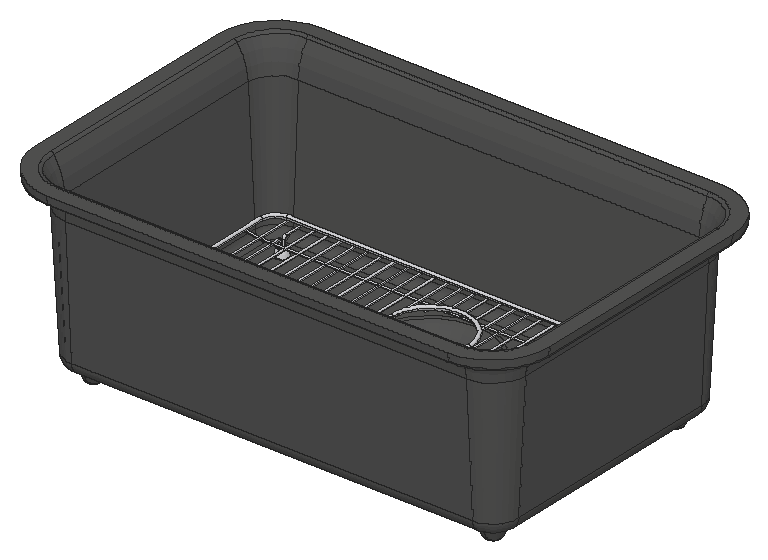
Revit family "Sink-Kitchen-KOHLER-Cairn-K-28000", category Plumbing Fixtures, host Face, Revit 2015
Parameters (values of type "CM1-Neoroc Matte Black")
  Width = 18 5/16"  # constant formula
  Waste Water Outlet = "Waste Water Outlet"  # constant formula
  Waste Connection = 1 = 1  # yes
  Vent Connection = 1 = 0  # no
  URL = "https://www.us.kohler.com/us/"
  Type = 1
  Product Page URL = "http://www.us.kohler.com/us/catalog/productDetails.jsp?productNumber=28000"
  Product Name = "Cairn"  # constant formula
  Product Documentation Link = "https://www.us.kohler.com/webassets/kpna/catalog/pdf/en/K-28000_spec.pdf"
  Model = if(Type = 1, "K-28000-CM1", if(Type = 2, "K-28000-CM2", if(Type = 3, "K-28000-CM3", if(Type = 4, "K-28000-CM4", if(Type = 5, "K-28000-CM6", if(Type = 6, "K-28000-CM7", "NA"))))))  # "K-28000-CM1"
  Material = "Neoroc Composite"  # constant formula
  MasterFormat 2004 = "22.41.16"  # constant formula
  MasterFormat 1995 = "15410"  # constant formula
  Manufacturer Address = "444 Highland Dr, Kohler, WI 53044"  # constant formula
  Manufacturer = "KOHLER Co."  # constant formula
  Length = 27 1/2"  # constant formula
  Hot Water Inlet = "Hot Water Inlet"  # constant formula
  Height = 10 3/16"  # constant formula
  HW Connection = 1 = 0  # no
  Finish = Kohler-Neoroc-CM1-Matte_Black
  Environmental Product Declaration = ""
  Drain Included = 1 = 0  # no
  Description = "27-1/2 inch x 18-5/16 inch x 9-1/2 inch Neoroc under-mount single-bowl kitchen sink with sink rack"  # constant formula
  Default Elevation = 36"
  Declare Label = ""
  Date Modified = "01/10/2019"  # constant formula
  Date Created = "01/10/2019"  # constant formula
  Copyright = "Copyright KOHLER Co."  # constant formula
  Contact Us = "https://www.us.kohler.com/us/static/contact.jsp"
  Cold Water Inlet = "Cold Water Inlet"  # constant formula
  CW Connection = 1 = 0  # no
  Assembly Code = "D2010400"
  ADA Compliant = 1 = 0  # no
Reference planes (in)
  plane 1 "Center (Front/Back)": y = 0
  plane 2: z = 0
  plane 3 "Center (Left/Right)": x = 0
  plane 4: x = -13.75
  plane 5: y = -12.1875
  plane 6: y = 6.125
  plane 7: x = 13.75
  plane 8: z = -10.5
  plane 9: z = -11.1875
  plane 10: z = -1.5
  plane 11: z = -1
  plane 12: y = 5.3125
  plane 13: y = -3.03125
Forms (in)
  Extrusion 1, void
    sketch origin (0, 0, 0) x (1, 0, 0) y (0, 1, 0)
      loop
        arc (-10.72895, 5.3125) -> (-12.29063, 4.66563) -> (-12.9375, 3.10395) r 2.20855
        line (-12.9375, 3.10395) -> (-12.9375, -9.16797)
        arc (-12.9375, -9.16797) -> (-12.29108, -10.72858) -> (-10.73047, -11.375) r 2.20703
        line (-10.73047, -11.375) -> (10.73047, -11.375)
        arc (10.73047, -11.375) -> (12.29108, -10.72858) -> (12.9375, -9.16797) r 2.20703
        line (12.9375, -9.16797) -> (12.9375, 3.10547)
        arc (12.9375, 3.10547) -> (12.29108, 4.66608) -> (10.73047, 5.3125) r 2.20703
        line (10.73047, 5.3125) -> (-10.72895, 5.3125)
    from -4.30069 to -1
  Extrusion 2, void
    sketch origin (0, 0, 0) x (1, 0, 0) y (0, 1, 0)
      loop
        line (10.66406, 4.65625) -> (-10.66406, 4.65625)
        arc (-10.66406, 4.65625) -> (-11.83521, 4.17115) -> (-12.32031, 3) r 1.65625
        line (-12.32031, 3) -> (-12.32031, -9.0625)
        arc (-12.32031, -9.0625) -> (-11.83521, -10.23365) -> (-10.66406, -10.71875) r 1.65625
        line (-10.66406, -10.71875) -> (10.66408, -10.71875)
        arc (10.66408, -10.71875) -> (11.83521, -10.23365) -> (12.32031, -9.06252) r 1.65623
        line (12.32031, -9.06252) -> (12.32031, 3)
        arc (12.32031, 3) -> (11.83521, 4.17115) -> (10.66406, 4.65625) r 1.65625
    from -1.0056 to 1.54185
  Extrusion 3, void
    sketch origin (0, 0, 0) x (1, 0, 0) y (0, 1, 0)
      loop
        line (11.36993, 6.125) -> (-11, 6.125)
        arc (-11, 6.125) -> (-13.12132, 5.24632) -> (-14, 3.125) r 3
        line (-14, 3.125) -> (-14, -9.1875)
        arc (-14, -9.1875) -> (-13.12132, -11.30882) -> (-11, -12.1875) r 3
        line (-11, -12.1875) -> (11.36993, -12.1875)
        arc (11.36993, -12.1875) -> (13.49125, -11.30882) -> (14.36993, -9.1875) r 3
        line (14.36993, -9.1875) -> (14.36993, 3.125)
        arc (14.36993, 3.125) -> (13.49125, 5.24632) -> (11.36993, 6.125) r 3
    from -13.65296 to -1
Dimensions and locks (in)
  plane 11 to plane 10 = 1/2"
  plane 11 to plane 8 = 9 1/2"
  "Height": plane 11 to plane 9
  "Length": plane 4 to plane 7
  "Width": plane 6 to plane 5
  plane 3 "Center (Left/Right)" to plane 7 = 13 3/4"
  plane 6 to plane 12 = 13/16"
  plane 6 to plane 1 "Center (Front/Back)" = 6 1/8"
  aligned and locked: plane 2 to host face
  aligned and locked: level to host face
Automatic sketch dimensions
  host sketch curve to host sketch curve = 96"  (x2)
  Extrusion 1 sketch curve to plane 12 = 0"
  Extrusion 1 sketch curve to plane 4 = 3.02105"
  Extrusion 1 sketch curve to plane 12 = 2.20855"
  Extrusion 1 sketch curve to plane 5 = 3 5/256"
  Extrusion 1 sketch curve to Extrusion 1 sketch curve = 2 53/256"  (x2)
  Extrusion 1 sketch curve to plane 7 = 3 5/256"
  Extrusion 1 sketch curve to plane 12 = 2 53/256"
  plane 4 to Extrusion 3 sketch curve = 1/4"
  Extrusion 3 sketch curve to plane 6 = 0"
  plane 5 to Extrusion 3 sketch curve = 0"
  plane 7 to Extrusion 3 sketch curve = 0.61993"
  Extrusion 3 sketch curve to plane 4 = 2 3/4"  (x2)
  Extrusion 3 sketch curve to plane 12 = 2 3/16"
  Extrusion 3 sketch curve to plane 7 = 2.38007"
  Extrusion 2 sketch curve to plane 4 = 1 55/128"
  Extrusion 2 sketch curve to Extrusion 2 sketch curve = 1 21/32"  (x2)
  Extrusion 2 sketch curve to plane 12 = 21/32"
  Extrusion 2 sketch curve to plane 7 = 3 11/128"  (x2)
  Extrusion 2 sketch curve to plane 5 = 1 15/32"
  Extrusion 2 sketch curve to plane 7 = 1 55/128"
Nested families (in)
  nested 1: "K-28000" at (0, 0, -1), type "K-28000"
Connectors (in)
  piping at (0, 0, -13.65296), diameter 1.5, driven by "Waste Connection", driven by "Waste Water Outlet"
    settings: on nested 1, index 1, connector inside diameter 24", connector length 0", flow factor 0, pipe flow 0 GPM, pressure drop 0.00 psi, fitting loss kfactor 0, connector angle 0.00°, fixture units 0, engagement length 0", angle of deflection 0.00°, flow configuration 0, flow direction 2, fitting loss method 0, system type 16, joint type 0, gender type 0, connector reference index -1, connector utility 1, adjustable connector no, is connector primary yes, connector description "Waste Water Outlet"
Definition of nested family "K-28000"
  Parameters (values of type "K-28000")
    Material = none
  Reference planes (in)
    plane 1 "Center (Front/Back)": y = 0
    plane 2: z = 0
    plane 3 "Center (Left/Right)": x = 0
    plane 4: y = 6.125
    plane 5: y = -12.1875
    plane 6: z = -0.5
    plane 7: z = -9.5
    plane 8: z = -10.1875
    plane 9: x = 13.75
    plane 10: x = -13.75
  Forms (in)
    Sweep 1, solid, material <- "Material", detail levels medium+fine
      path origin (0, 0, 0) x (1, 0, 0) y (0, 1, 0)
        loop
          arc (-10.72895, 6.125) -> (-12.86516, 5.24016) -> (-13.75, 3.10395) r 3.02105
          line (-13.75, 3.10395) -> (-13.75, -9.16797)
          arc (-13.75, -9.16797) -> (-12.8656, -11.3031) -> (-10.73047, -12.1875) r 3.01953
          line (-10.73047, -12.1875) -> (10.73047, -12.1875)
          arc (10.73047, -12.1875) -> (12.8656, -11.3031) -> (13.75, -9.16797) r 3.01953
          line (13.75, -9.16797) -> (13.75, 3.10547)
          arc (13.75, 3.10547) -> (12.8656, 5.2406) -> (10.73047, 6.125) r 3.01953
          line (10.73047, 6.125) -> (-10.72895, 6.125)
      profile origin (0.00076, 6.125, 0) x (0, 1, 0) y (0, 0, 1)
        loop
          line (-0.03899, -0.44569) -> (0, 0) -> (-0.76946, 0)
          arc (-0.76946, 0) -> (-0.874, -0.02593) -> (-0.9543, -0.09771) r 0.22369
          arc (-0.9543, -0.09771) -> (-1.35827, -0.90943) -> (-1.52847, -1.8) r 3.33215
          line (-1.52847, -1.8) -> (-1.89156, -8.72821)
          arc (-1.89156, -8.72821) -> (-2.0467, -9.06473) -> (-2.39088, -9.20204) r 0.5
          line (-2.39088, -9.20204) -> (-2.80985, -9.20204) -> (-2.80985, -9.5) -> (-2.39339, -9.5)
          arc (-2.39339, -9.5) -> (-1.87712, -9.29403) -> (-1.64442, -8.78925) r 0.75
          line (-1.64442, -8.78925) -> (-1.27881, -1.81308)
          arc (-1.27881, -1.81308) -> (-1.15966, -1.17192) -> (-0.87805, -0.58372) r 2.48894
          arc (-0.87805, -0.58372) -> (-0.81138, -0.52227) -> (-0.7235, -0.5) r 0.18451
          line (-0.7235, -0.5) -> (-0.09827, -0.5)
          arc (-0.09827, -0.5) -> (-0.05807, -0.48437) -> (-0.03899, -0.44569) r 0.0595
    Extrusion 2, solid, material <- "Material", detail levels medium+fine
      sketch origin (0, 0, 0) x (1, 0, 0) y (0, 1, 0)
        loop
          line (-10.94015, 3.10395) -> (-10.94015, -9.16797)
          arc (-10.94015, -9.16797) -> (-10.87873, -9.31623) -> (-10.73047, -9.37765) r 0.20968
          line (-10.73047, -9.37765) -> (10.73047, -9.37765)
          arc (10.73047, -9.37765) -> (10.87873, -9.31623) -> (10.94015, -9.16797) r 0.20968
          line (10.94015, -9.16797) -> (10.94015, 3.10547)
          arc (10.94015, 3.10547) -> (10.87873, 3.25373) -> (10.73047, 3.31515) r 0.20968
          line (10.73047, 3.31515) -> (-10.72895, 3.31515)
          arc (-10.72895, 3.31515) -> (-10.87829, 3.25329) -> (-10.94015, 3.10395) r 0.2112
      from -9.5 to -9.20204
    Revolve 3, solid, material <- "Material", detail levels medium+fine
      sketch origin (-10.69575, 0, 0) x (0, 1, 0) y (0, 0, 1)
        loop
          line (3.09114, -10.1875) -> (3.38073, -10.1875)
          arc (3.38073, -10.1875) -> (3.46605, -10.16263) -> (3.52465, -10.09581) r 0.1588
          line (3.52465, -10.09581) -> (3.74356, -9.62637)
          arc (3.74356, -9.62637) -> (3.81788, -9.52531) -> (3.92542, -9.46071) r 0.31913
          line (3.92542, -9.46071) -> (3.09114, -9.46071) -> (3.09114, -10.1875)
        axis (3.09114, -9.46071) -> (3.09114, -10.1875)
      angle from 0 to 360
    Revolve 4, solid, material <- "Material", detail levels medium+fine
      sketch origin (10.69575, 0, 0) x (0, 1, 0) y (0, 0, -1)
        loop
          line (3.09114, 10.1875) -> (3.09114, 9.46071) -> (3.92542, 9.46071)
          arc (3.92542, 9.46071) -> (3.81788, 9.52531) -> (3.74356, 9.62637) r 0.31913
          line (3.74356, 9.62637) -> (3.52465, 10.09581)
          arc (3.52465, 10.09581) -> (3.46605, 10.16263) -> (3.38073, 10.1875) r 0.1588
          line (3.38073, 10.1875) -> (3.09114, 10.1875)
        axis (3.09114, 9.46071) -> (3.09114, 10.1875)
      angle from 0 to 360
    Revolve 5, solid, material <- "Material", detail levels medium+fine
      sketch origin (-10.69575, -12.20282, 0) x (0, 1, 0) y (0, 0, 1)
        loop
          line (3.09114, -10.1875) -> (3.38073, -10.1875)
          arc (3.38073, -10.1875) -> (3.46605, -10.16263) -> (3.52465, -10.09581) r 0.1588
          line (3.52465, -10.09581) -> (3.74356, -9.62637)
          arc (3.74356, -9.62637) -> (3.81788, -9.52531) -> (3.92542, -9.46071) r 0.31913
          line (3.92542, -9.46071) -> (3.09114, -9.46071) -> (3.09114, -10.1875)
        axis (3.09114, -9.46071) -> (3.09114, -10.1875)
      angle from 0 to 360
    Revolve 6, solid, material <- "Material", detail levels medium+fine
      sketch origin (10.69575, -12.20282, 0) x (0, 1, 0) y (0, 0, -1)
        loop
          line (3.09114, 10.1875) -> (3.09114, 9.46071) -> (3.92542, 9.46071)
          arc (3.92542, 9.46071) -> (3.81788, 9.52531) -> (3.74356, 9.62637) r 0.31913
          line (3.74356, 9.62637) -> (3.52465, 10.09581)
          arc (3.52465, 10.09581) -> (3.46605, 10.16263) -> (3.38073, 10.1875) r 0.1588
          line (3.38073, 10.1875) -> (3.09114, 10.1875)
        axis (3.09114, 9.46071) -> (3.09114, 10.1875)
      angle from 0 to 360
    Revolve 7, solid, detail levels medium+fine
      sketch origin (0, 0, 0) x (1, 0, 0) y (0, 0, 1)
        loop
          arc (0, -9.59046) -> (-0.14142, -9.6033) -> (-0.2782, -9.64142) r 0.78485
          arc (-0.2782, -9.64142) -> (-0.30959, -9.69706) -> (-0.26052, -9.73796) r 0.04989
          line (-0.26052, -9.73796) -> (-0.145, -9.73796) -> (-0.145, -10.39296) -> (-0.24102, -10.39296)
          arc (-0.24102, -10.39296) -> (-0.26958, -10.40479) -> (-0.28141, -10.43334) r 0.04038
          line (-0.28141, -10.43334) -> (-0.28141, -10.58296) -> (-1.39752, -10.58296)
          arc (-1.39752, -10.58296) -> (-1.46222, -10.55715) -> (-1.49138, -10.4939) r 0.09398
          line (-1.49138, -10.4939) -> (-1.52334, -9.88404)
          arc (-1.52334, -9.88404) -> (-1.57117, -9.78029) -> (-1.67727, -9.73796) r 0.15414
          line (-1.67727, -9.73796) -> (-2.27502, -9.73796) -> (-2.27502, -9.7721) -> (-1.66737, -9.7721) -> (-1.66737, -10.71569) -> (0, -10.71569) -> (0, -9.59046)
        axis (0, -9.59046) -> (0, -10.71569)
      angle from 0 to 360
    Sweep 8, solid, detail levels medium+fine
      path origin (0, 0, 0) x (1, 0, 0) y (0, 1, 0)
        loop
          line (-13.75, 3.10395) -> (-13.75, -9.16797)
          arc (-13.75, -9.16797) -> (-12.8656, -11.3031) -> (-10.73047, -12.1875) r 3.01953
          line (-10.73047, -12.1875) -> (10.73047, -12.1875)
          arc (10.73047, -12.1875) -> (12.8656, -11.3031) -> (13.75, -9.16797) r 3.01953
          line (13.75, -9.16797) -> (13.75, 3.10547)
          arc (13.75, 3.10547) -> (12.8656, 5.2406) -> (10.73047, 6.125) r 3.01953
          line (10.73047, 6.125) -> (-10.72895, 6.125)
          arc (-10.72895, 6.125) -> (-12.86516, 5.24016) -> (-13.75, 3.10395) r 3.02105
      profile origin (0.00076, 6.125, 0) x (0, 1, 0) y (0, 0, 1)
        loop
          circle (-2.20339, -8.125) r 0.09349
    Sweep 9, solid, detail levels medium+fine
      path origin (0, 0, 0) x (1, 0, 0) y (0, 1, 0)
        loop
          circle (0, 0) r 2.1874
      profile origin (0, 2.1874, 0) x (0, -1, 0) y (0, 0, 1)
        loop
          circle (0.09392, -8.125) r 0.09375
    Extrusion 10, solid, detail levels medium+fine
      sketch origin (0, 0, 0) x (1, 0, 0) y (0, 0, 1)
        loop
          circle (0, -8.27168) r 0.05273
        loop
          circle (-0.71501, -8.27168) r 0.05273
        loop
          circle (-1.43, -8.27168) r 0.05273
        loop
          circle (-2.145, -8.27168) r 0.05273
        loop
          circle (-2.86, -8.27168) r 0.05273
        loop
          circle (-3.57499, -8.27168) r 0.05273
        loop
          circle (-4.29, -8.27168) r 0.05273
        loop
          circle (-5.00501, -8.27168) r 0.05273
        loop
          circle (-5.72, -8.27168) r 0.05273
        loop
          circle (-6.435, -8.27168) r 0.05273
        loop
          circle (-7.15, -8.27168) r 0.05273
        loop
          circle (-7.86501, -8.27168) r 0.05273
        loop
          circle (-8.58, -8.27168) r 0.05273
        loop
          circle (-9.295, -8.27168) r 0.05273
        loop
          circle (-10.72501, -8.27168) r 0.05273
        loop
          circle (0.71501, -8.27168) r 0.05273
        loop
          circle (1.43, -8.27168) r 0.05273
        loop
          circle (2.145, -8.27168) r 0.05273
        loop
          circle (2.86, -8.27168) r 0.05273
        loop
          circle (3.57499, -8.27168) r 0.05273
        loop
          circle (4.29, -8.27168) r 0.05273
        loop
          circle (5.00501, -8.27168) r 0.05273
        loop
          circle (5.72, -8.27168) r 0.05273
        loop
          circle (6.435, -8.27168) r 0.05273
        loop
          circle (7.15, -8.27168) r 0.05273
        loop
          circle (7.86501, -8.27168) r 0.05273
        loop
          circle (8.58, -8.27168) r 0.05273
        loop
          circle (9.295, -8.27168) r 0.05273
        loop
          circle (10.72501, -8.27168) r 0.05273
      from -3.9213 to 9.9213
    Sweep 11, solid, detail levels medium+fine
      path origin (0, 0, 0) x (1, 0, 0) y (0, 0, 1)
        loop
          line (-11.53519, -8.32333) -> (-10.73197, -8.43) -> (10.73198, -8.43) -> (11.53519, -8.32333)
      profile origin (0, 0, -8.43) x (0, 0, 1) y (0, -1, 0)
        loop
          circle (0.05481, -2.1248) r 0.05078
    Sweep 12, solid, detail levels medium+fine
      path origin (0, -4.25, 0) x (1, 0, 0) y (0, 0, 1)
        loop
          line (-11.53519, -8.32333) -> (-10.73197, -8.43) -> (10.73198, -8.43) -> (11.53519, -8.32333)
      profile origin (0, -4.25, -8.43) x (0, 0, 1) y (0, -1, 0)
        loop
          circle (0.05481, -2.1248) r 0.05078
    Sweep 13, solid, detail levels medium+fine
      path origin (0, -9.87207, 0) x (1, 0, 0) y (0, 0, 1)
        loop
          line (-11.53519, -8.32333) -> (-10.73197, -8.43) -> (10.73198, -8.43) -> (11.53519, -8.32333)
      profile origin (0, -9.87207, -8.43) x (0, 0, 1) y (0, -1, 0)
        loop
          circle (0.05481, -2.1248) r 0.05078
    Sweep 14, solid, detail levels medium+fine
      path origin (0, 0, 0) x (0, 1, 0) y (0, 0, 1)
        loop
          line (3.9213, -8.32441) -> (2.85939, -8.32441)
          arc (2.85939, -8.32441) -> (2.82804, -8.3374) -> (2.81505, -8.36875) r 0.04434
          line (2.81505, -8.36875) -> (2.81505, -8.87238) -> (2.44805, -8.87238) -> (2.44805, -8.36826)
          arc (2.44805, -8.36826) -> (2.43521, -8.33726) -> (2.4042, -8.32441) r 0.04385
          line (2.4042, -8.32441) -> (-8.40371, -8.32441)
          arc (-8.40371, -8.32441) -> (-8.43507, -8.3374) -> (-8.44805, -8.36875) r 0.04434
          line (-8.44805, -8.36875) -> (-8.44805, -8.87238) -> (-8.81505, -8.87238) -> (-8.81505, -8.36826)
          arc (-8.81505, -8.36826) -> (-8.8279, -8.33726) -> (-8.8589, -8.32441) r 0.04385
          line (-8.8589, -8.32441) -> (-9.9213, -8.32441)
      profile origin (0, 3.39034, -8.32441) x (0, 0, -1) y (1, 0, 0)
        loop
          circle (-0.05273, -10.01) r 0.05273
    Sweep 15, solid, detail levels medium+fine
      path origin (20.02, 0, 0) x (0, 1, 0) y (0, 0, 1)
        loop
          line (3.9213, -8.32441) -> (2.85939, -8.32441)
          arc (2.85939, -8.32441) -> (2.82804, -8.3374) -> (2.81505, -8.36875) r 0.04434
          line (2.81505, -8.36875) -> (2.81505, -8.87238) -> (2.44805, -8.87238) -> (2.44805, -8.36826)
          arc (2.44805, -8.36826) -> (2.43521, -8.33726) -> (2.4042, -8.32441) r 0.04385
          line (2.4042, -8.32441) -> (-8.40371, -8.32441)
          arc (-8.40371, -8.32441) -> (-8.43507, -8.3374) -> (-8.44805, -8.36875) r 0.04434
          line (-8.44805, -8.36875) -> (-8.44805, -8.87238) -> (-8.81505, -8.87238) -> (-8.81505, -8.36826)
          arc (-8.81505, -8.36826) -> (-8.8279, -8.33726) -> (-8.8589, -8.32441) r 0.04385
          line (-8.8589, -8.32441) -> (-9.9213, -8.32441)
      profile origin (20.02, 3.39034, -8.32441) x (0, 0, -1) y (1, 0, 0)
        loop
          circle (-0.05273, -10.01) r 0.05273
    Revolve 16, solid, detail levels medium+fine
      sketch origin (10.01172, 0, 0) x (0, 1, 0) y (0, 0, 1)
        loop
          line (2.63155, -8.70141) -> (2.63155, -9.15839) -> (2.94245, -9.15839)
          arc (2.94245, -9.15839) -> (2.95711, -9.15205) -> (2.96252, -9.13702) r 0.02011
          arc (2.96252, -9.13702) -> (2.93211, -8.92469) -> (2.86842, -8.71986) r 1.34918
          arc (2.86842, -8.71986) -> (2.85761, -8.70645) -> (2.84115, -8.70141) r 0.02938
          line (2.84115, -8.70141) -> (2.63155, -8.70141)
        axis (2.63155, -8.70141) -> (2.63155, -9.15839)
      angle from 0 to 360
    Revolve 17, solid, detail levels medium+fine
      sketch origin (-10.01172, 0, 0) x (0, 1, 0) y (0, 0, -1)
        loop
          line (2.63155, 8.70141) -> (2.84115, 8.70141)
          arc (2.84115, 8.70141) -> (2.85761, 8.70645) -> (2.86842, 8.71986) r 0.02938
          arc (2.86842, 8.71986) -> (2.93211, 8.92469) -> (2.96252, 9.13702) r 1.34918
          arc (2.96252, 9.13702) -> (2.95711, 9.15205) -> (2.94245, 9.15839) r 0.02011
          line (2.94245, 9.15839) -> (2.63155, 9.15839) -> (2.63155, 8.70141)
        axis (2.63155, 8.70141) -> (2.63155, 9.15839)
      angle from 0 to 360
    Revolve 18, solid, detail levels medium+fine
      sketch origin (10.01172, -11.26318, 0) x (0, 1, 0) y (0, 0, 1)
        loop
          line (2.63155, -8.70141) -> (2.63155, -9.15839) -> (2.94245, -9.15839)
          arc (2.94245, -9.15839) -> (2.95711, -9.15205) -> (2.96252, -9.13702) r 0.02011
          arc (2.96252, -9.13702) -> (2.93211, -8.92469) -> (2.86842, -8.71986) r 1.34918
          arc (2.86842, -8.71986) -> (2.85761, -8.70645) -> (2.84115, -8.70141) r 0.02938
          line (2.84115, -8.70141) -> (2.63155, -8.70141)
        axis (2.63155, -8.70141) -> (2.63155, -9.15839)
      angle from 0 to 360
    Revolve 19, solid, detail levels medium+fine
      sketch origin (-10.01172, -11.26318, 0) x (0, 1, 0) y (0, 0, -1)
        loop
          line (2.63155, 8.70141) -> (2.84115, 8.70141)
          arc (2.84115, 8.70141) -> (2.85761, 8.70645) -> (2.86842, 8.71986) r 0.02938
          arc (2.86842, 8.71986) -> (2.93211, 8.92469) -> (2.96252, 9.13702) r 1.34918
          arc (2.96252, 9.13702) -> (2.95711, 9.15205) -> (2.94245, 9.15839) r 0.02011
          line (2.94245, 9.15839) -> (2.63155, 9.15839) -> (2.63155, 8.70141)
        axis (2.63155, 8.70141) -> (2.63155, 9.15839)
      angle from 0 to 360
    Extrusion 20, void
      sketch origin (0, 0, 0) x (1, 0, 0) y (0, 1, 0)
        loop
          circle (0, 0) r 3.57141
      from -10.1875 to -6.96934
    Extrusion 21, void
      sketch origin (0, 0, 0) x (1, 0, 0) y (0, 1, 0)
        loop
          circle (0, 0.62483) r 0.09542
        loop
          circle (0, 0.95335) r 0.09542
        loop
          circle (0, 1.28023) r 0.09542
        loop
          circle (0.31242, 0.54112) r 0.09542
        loop
          circle (-0.54112, 0.31242) r 0.09542
        loop
          circle (-0.31242, 0.54112) r 0.09542
        loop
          circle (0.54112, 0.31242) r 0.09542
        loop
          circle (0.62483, 0) r 0.09542
        loop
          circle (0, -0.62483) r 0.09542
        loop
          circle (0.31242, -0.54112) r 0.09542
        loop
          circle (-0.54112, -0.31242) r 0.09542
        loop
          circle (-0.31242, -0.54112) r 0.09542
        loop
          circle (0.54112, -0.31242) r 0.09542
        loop
          circle (-0.62483, 0) r 0.09542
        loop
          circle (-0.2946, 0.90669) r 0.09542
        loop
          circle (-0.56036, 0.77127) r 0.09542
        loop
          circle (-0.77127, 0.56036) r 0.09542
        loop
          circle (-0.90669, 0.2946) r 0.09542
        loop
          circle (-0.95335, 0) r 0.09542
        loop
          circle (0.2946, 0.90669) r 0.09542
        loop
          circle (0.56036, 0.77127) r 0.09542
        loop
          circle (0.77127, 0.56036) r 0.09542
        loop
          circle (0.90669, 0.2946) r 0.09542
        loop
          circle (0, -0.95335) r 0.09542
        loop
          circle (-0.2946, -0.90669) r 0.09542
        loop
          circle (-0.56036, -0.77127) r 0.09542
        loop
          circle (-0.77127, -0.56036) r 0.09542
        loop
          circle (-0.90669, -0.2946) r 0.09542
        loop
          circle (0.2946, -0.90669) r 0.09542
        loop
          circle (0.56036, -0.77127) r 0.09542
        loop
          circle (0.77127, -0.56036) r 0.09542
        loop
          circle (0.90669, -0.2946) r 0.09542
        loop
          circle (0.95335, 0) r 0.09542
        loop
          circle (0.28487, 1.24813) r 0.09542
        loop
          circle (0.55547, 1.15345) r 0.09542
        loop
          circle (0.7982, 1.00093) r 0.09542
        loop
          circle (1.00092, 0.79822) r 0.09542
        loop
          circle (1.15344, 0.55549) r 0.09542
        loop
          circle (1.24813, 0.2849) r 0.09542
        loop
          circle (1.28023, 0) r 0.09542
        loop
          circle (-0.28487, 1.24813) r 0.09542
        loop
          circle (-0.55547, 1.15345) r 0.09542
        loop
          circle (-0.7982, 1.00093) r 0.09542
        loop
          circle (-1.00092, 0.79822) r 0.09542
        loop
          circle (-1.15344, 0.55549) r 0.09542
        loop
          circle (-1.24813, 0.2849) r 0.09542
        loop
          circle (-1.28023, 0) r 0.09542
        loop
          circle (0, -1.28023) r 0.09542
        loop
          circle (0.28487, -1.24813) r 0.09542
        loop
          circle (0.55547, -1.15345) r 0.09542
        loop
          circle (0.7982, -1.00093) r 0.09542
        loop
          circle (1.00092, -0.79822) r 0.09542
        loop
          circle (1.15344, -0.55549) r 0.09542
        loop
          circle (1.24813, -0.2849) r 0.09542
        loop
          circle (-0.28487, -1.24813) r 0.09542
        loop
          circle (-0.55547, -1.15345) r 0.09542
        loop
          circle (-0.7982, -1.00093) r 0.09542
        loop
          circle (-1.00092, -0.79822) r 0.09542
        loop
          circle (-1.15344, -0.55549) r 0.09542
        loop
          circle (-1.24813, -0.2849) r 0.09542
      from -10.73788 to -10.00546
    Revolve 22, solid, material <- "Material", detail levels medium+fine
      sketch origin (0, 0, 0) x (1, 0, 0) y (0, 0, 1)
        loop
          line (-3.57141, -9.20204) -> (-3.57141, -9.5)
          arc (-3.57141, -9.5) -> (-2.91916, -9.6748) -> (-2.44173, -10.15234) r 1.30431
          arc (-2.44173, -10.15234) -> (-2.416, -10.17808) -> (-2.38085, -10.1875) r 0.07029
          line (-2.38085, -10.1875) -> (-2.07817, -10.1875)
          arc (-2.07817, -10.1875) -> (-2.03727, -10.16524) -> (-2.03378, -10.1188) r 0.04869
          arc (-2.03378, -10.1188) -> (-2.46067, -9.5532) -> (-3.08987, -9.22723) r 1.60115
          arc (-3.08987, -9.22723) -> (-3.18736, -9.20836) -> (-3.28647, -9.20204) r 0.7798
          line (-3.28647, -9.20204) -> (-3.57141, -9.20204)
        loop
          line (0, -10.89796) -> (-1.60288, -10.89796) -> (-1.60288, -9.7721) -> (-1.683, -9.7721) -> (-1.683, -10.26796) -> (-2.25, -10.26796) -> (-2.25, -10.50866)
          arc (-2.25, -10.50866) -> (-2.23375, -10.5499) -> (-2.19375, -10.56898) r 0.06046
          line (-2.19375, -10.56898) -> (-1.683, -10.60469) -> (-1.683, -11.02246) -> (-1.64049, -11.06496)
          arc (-1.64049, -11.06496) -> (-1.61761, -11.13675) -> (-1.55784, -11.18263) r 0.12593
          line (-1.55784, -11.18263) -> (-1.18491, -11.31911)
          arc (-1.18491, -11.31911) -> (-1.00403, -11.45828) -> (-0.9355, -11.67596) r 0.38
          line (-0.9355, -11.67596) -> (-0.9355, -12.05896) -> (-1.07, -12.05896) -> (-1.07, -12.36977) -> (-0.92428, -12.62216)
          arc (-0.92428, -12.62216) -> (-0.90173, -12.64471) -> (-0.87093, -12.65296) r 0.06161
          line (-0.87093, -12.65296) -> (0, -12.65296) -> (0, -10.89796)
        axis (0, -9.20204) -> (0, -12.65296)
      angle from 0 to 360
    Extrusion 23, solid, material <- "Material", detail levels coarse
      sketch origin (0, 0, 0) x (1, 0, 0) y (0, 1, 0)
        loop
          line (11.37067, 6.13369) -> (-10.99925, 6.13369)
          arc (-10.99925, 6.13369) -> (-13.12057, 5.25501) -> (-13.99925, 3.13369) r 3
          line (-13.99925, 3.13369) -> (-13.99925, -9.17881)
          arc (-13.99925, -9.17881) -> (-13.12057, -11.30013) -> (-10.99925, -12.17881) r 3
          line (-10.99925, -12.17881) -> (11.37067, -12.17881)
          arc (11.37067, -12.17881) -> (13.49199, -11.30013) -> (14.37067, -9.17881) r 3
          line (14.37067, -9.17881) -> (14.37067, 3.13369)
          arc (14.37067, 3.13369) -> (13.49199, 5.25501) -> (11.37067, 6.13369) r 3
        loop
          line (10.66404, 4.65685) -> (-10.66409, 4.65685)
          arc (-10.66409, 4.65685) -> (-11.83523, 4.17175) -> (-12.32034, 3.0006) r 1.65625
          line (-12.32034, 3.0006) -> (-12.32034, -9.0619)
          arc (-12.32034, -9.0619) -> (-11.83523, -10.23304) -> (-10.66409, -10.71815) r 1.65625
          line (-10.66409, -10.71815) -> (10.66405, -10.71815)
          arc (10.66405, -10.71815) -> (11.83519, -10.23305) -> (12.32029, -9.06191) r 1.65623
          line (12.32029, -9.06191) -> (12.32029, 3.0006)
          arc (12.32029, 3.0006) -> (11.83518, 4.17175) -> (10.66404, 4.65685) r 1.65625
      from -9.5 to 0
    Extrusion 24, void
      sketch origin (0, 0, 0) x (1, 0, 0) y (0, 1, 0)
        loop
          circle (0, 0) r 2.27502
      from -10.26796 to -7.3302
    Revolve 25, solid, material <- "Material", detail levels coarse
      sketch origin (0, 0, 0) x (1, 0, 0) y (0, 0, 1)
        loop
          line (-2.27502, -12.65296) -> (0, -12.65296) -> (0, -9.61821) -> (-2.27502, -9.61821) -> (-2.27502, -12.65296)
        axis (0, -9.61821) -> (0, -12.65296)
      angle from 0 to 360
    Extrusion 26, solid, material <- "Material", detail levels coarse
      sketch origin (0, 0, 0) x (1, 0, 0) y (0, 1, 0)
        loop
          line (-10.99925, -12.17881) -> (11.37067, -12.17881)
          arc (11.37067, -12.17881) -> (13.49199, -11.30013) -> (14.37067, -9.17881) r 3
          line (14.37067, -9.17881) -> (14.37067, 3.13369)
          arc (14.37067, 3.13369) -> (13.49199, 5.25501) -> (11.37067, 6.13369) r 3
          line (11.37067, 6.13369) -> (-10.99925, 6.13369)
          arc (-10.99925, 6.13369) -> (-13.12057, 5.25501) -> (-13.99925, 3.13369) r 3
          line (-13.99925, 3.13369) -> (-13.99925, -9.17881)
          arc (-13.99925, -9.17881) -> (-13.12057, -11.30013) -> (-10.99925, -12.17881) r 3
      from -9.93415 to -9.5
    Extrusion 27, void
      sketch origin (0, 0, 0) x (1, 0, 0) y (0, 1, 0)
        loop
          circle (0, 0) r 2.10057
      from -8.97169 to -7.2893
  Cuts and joins
    Extrusion 21 cuts Revolve 7
    Extrusion 27 cuts Extrusion 10
    joined: Revolve 7, Sweep 9, Extrusion 10, Sweep 11, Sweep 12, Sweep 13, Sweep 14, Sweep 15, Revolve 16, Revolve 17, Revolve 18, Revolve 19
    joined: Extrusion 23, Revolve 25, Extrusion 26
    Extrusion 20, Extrusion 21 cuts Sweep 1
    Extrusion 20, Extrusion 21, Extrusion 24 cuts Extrusion 2
    Extrusion 20, Extrusion 21 cuts Revolve 3
    Extrusion 20, Extrusion 21 cuts Revolve 4
    Extrusion 20, Extrusion 21 cuts Revolve 5
    Extrusion 20, Extrusion 21 cuts Revolve 6
    joined: Sweep 1, Extrusion 2, Revolve 3, Revolve 4, Revolve 5, Revolve 6, Revolve 22
  Lines and regions (in)
    Masking region 1
      outline origin (0, 0, 0) x (1, 0, 0) y (0, 1, 0)
        loop
          arc (-10.72895, 6.125) -> (-12.86516, 5.24016) -> (-13.75, 3.10395) r 3.02105
          line (-13.75, 3.10395) -> (-13.75, -9.16797)
          arc (-13.75, -9.16797) -> (-12.8656, -11.3031) -> (-10.73047, -12.1875) r 3.01953
          line (-10.73047, -12.1875) -> (10.73047, -12.1875)
          arc (10.73047, -12.1875) -> (12.8656, -11.3031) -> (13.75, -9.16797) r 3.01953
          line (13.75, -9.16797) -> (13.75, 3.10547)
          arc (13.75, 3.10547) -> (12.8656, 5.2406) -> (10.73047, 6.125) r 3.01953
          line (10.73047, 6.125) -> (-10.72895, 6.125)
    Masking region 2
      outline origin (0, 0, 0) x (0, 1, 0) y (0, 0, 1)
        loop
          line (6.08601, -0.44569) -> (6.125, 0) -> (-12.1875, 0) -> (-12.14851, -0.44569)
          arc (-12.14851, -0.44569) -> (-12.12943, -0.48437) -> (-12.08923, -0.5) r 0.0595
          line (-12.08923, -0.5) -> (-11.464, -0.5)
          arc (-11.464, -0.5) -> (-11.37612, -0.52227) -> (-11.30945, -0.58372) r 0.18451
          arc (-11.30945, -0.58372) -> (-11.02784, -1.17192) -> (-10.90869, -1.81308) r 2.48894
          line (-10.90869, -1.81308) -> (-10.54308, -8.78925)
          arc (-10.54308, -8.78925) -> (-10.3396, -9.26473) -> (-9.87672, -9.49544) r 0.75
          arc (-9.87672, -9.49544) -> (-9.81138, -9.55314) -> (-9.7641, -9.62637) r 0.31913
          line (-9.7641, -9.62637) -> (-9.54519, -10.09581)
          arc (-9.54519, -10.09581) -> (-9.4866, -10.16263) -> (-9.40128, -10.1875) r 0.1588
          line (-9.40128, -10.1875) -> (-8.82209, -10.1875)
          arc (-8.82209, -10.1875) -> (-8.73677, -10.16263) -> (-8.67817, -10.09581) r 0.1588
          line (-8.67817, -10.09581) -> (-8.45926, -9.62637)
          arc (-8.45926, -9.62637) -> (-8.35203, -9.48151) -> (-8.1967, -9.3901) r 0.45167
          arc (-8.1967, -9.3901) -> (-5.88462, -9.47252) -> (-3.57124, -9.5) r 97.39364
          arc (-3.57124, -9.5) -> (-2.91899, -9.6748) -> (-2.44157, -10.15234) r 1.30431
          arc (-2.44157, -10.15234) -> (-2.41584, -10.17808) -> (-2.38069, -10.1875) r 0.07029
          line (-2.38069, -10.1875) -> (-1.683, -10.1875) -> (-1.683, -10.26796) -> (-2.25, -10.26796) -> (-2.25, -10.50866)
          arc (-2.25, -10.50866) -> (-2.23375, -10.5499) -> (-2.19375, -10.56898) r 0.06046
          line (-2.19375, -10.56898) -> (-2.01187, -10.5817) -> (-2.01187, -10.89796) -> (-1.683, -10.89796) -> (-1.683, -11.02246) -> (-1.64049, -11.06496)
          arc (-1.64049, -11.06496) -> (-1.61761, -11.13675) -> (-1.55784, -11.18263) r 0.12593
          line (-1.55784, -11.18263) -> (-1.18491, -11.31911)
          arc (-1.18491, -11.31911) -> (-1.00403, -11.45828) -> (-0.9355, -11.67596) r 0.38
          line (-0.9355, -11.67596) -> (-0.9355, -12.05896) -> (-1.07, -12.05896) -> (-1.07, -12.36977) -> (-0.92428, -12.62216)
          arc (-0.92428, -12.62216) -> (-0.90173, -12.64471) -> (-0.87093, -12.65296) r 0.06161
          line (-0.87093, -12.65296) -> (0.87093, -12.65296)
          arc (0.87093, -12.65296) -> (0.90173, -12.64471) -> (0.92428, -12.62216) r 0.06161
          line (0.92428, -12.62216) -> (1.07, -12.36977) -> (1.07, -12.05896) -> (0.9355, -12.05896) -> (0.9355, -11.67596)
          arc (0.9355, -11.67596) -> (1.00403, -11.45828) -> (1.18491, -11.31911) r 0.38
          line (1.18491, -11.31911) -> (1.55784, -11.18263)
          arc (1.55784, -11.18263) -> (1.61761, -11.13675) -> (1.64049, -11.06496) r 0.12593
          line (1.64049, -11.06496) -> (1.683, -11.02246) -> (1.683, -10.89796) -> (2.01187, -10.89796) -> (2.01187, -10.5817) -> (2.19375, -10.56898)
          arc (2.19375, -10.56898) -> (2.23375, -10.5499) -> (2.25, -10.50866) r 0.06046
          line (2.25, -10.50866) -> (2.25, -10.26796) -> (1.683, -10.26796) -> (1.683, -10.1875) -> (2.38069, -10.1875)
          arc (2.38069, -10.1875) -> (2.41584, -10.17808) -> (2.44157, -10.15234) r 0.07029
          arc (2.44157, -10.15234) -> (2.50993, -10.04613) -> (2.58824, -9.94703) r 1.30431
          line (2.58824, -9.94703) -> (2.65763, -10.09581)
          arc (2.65763, -10.09581) -> (2.71622, -10.16263) -> (2.80154, -10.1875) r 0.1588
          line (2.80154, -10.1875) -> (3.38073, -10.1875)
          arc (3.38073, -10.1875) -> (3.46605, -10.16263) -> (3.52465, -10.09581) r 0.1588
          line (3.52465, -10.09581) -> (3.74356, -9.62637)
          arc (3.74356, -9.62637) -> (3.79589, -9.54741) -> (3.86909, -9.48729) r 0.31913
          arc (3.86909, -9.48729) -> (4.29576, -9.2442) -> (4.48058, -8.78925) r 0.75
          line (4.48058, -8.78925) -> (4.84619, -1.81308)
          arc (4.84619, -1.81308) -> (4.96534, -1.17192) -> (5.24695, -0.58372) r 2.48894
          arc (5.24695, -0.58372) -> (5.31362, -0.52227) -> (5.4015, -0.5) r 0.18451
          line (5.4015, -0.5) -> (6.02673, -0.5)
          arc (6.02673, -0.5) -> (6.06693, -0.48437) -> (6.08601, -0.44569) r 0.0595
    Masking region 3
      outline origin (0, 0, 0) x (1, 0, 0) y (0, 0, 1)
        loop
          arc (-13.71101, -0.44569) -> (-13.69193, -0.48437) -> (-13.65173, -0.5) r 0.0595
          line (-13.65173, -0.5) -> (-13.0265, -0.5)
          arc (-13.0265, -0.5) -> (-12.93862, -0.52227) -> (-12.87195, -0.58372) r 0.18451
          arc (-12.87195, -0.58372) -> (-12.59034, -1.17192) -> (-12.47119, -1.81308) r 2.48894
          line (-12.47119, -1.81308) -> (-12.10558, -8.78925)
          arc (-12.10558, -8.78925) -> (-11.91132, -9.25477) -> (-11.46613, -9.49196) r 0.75
          arc (-11.46613, -9.49196) -> (-11.39755, -9.55073) -> (-11.34817, -9.62637) r 0.31913
          line (-11.34817, -9.62637) -> (-11.12927, -10.09581)
          arc (-11.12927, -10.09581) -> (-11.07067, -10.16263) -> (-10.98535, -10.1875) r 0.1588
          line (-10.98535, -10.1875) -> (-10.40616, -10.1875)
          arc (-10.40616, -10.1875) -> (-10.32084, -10.16263) -> (-10.26224, -10.09581) r 0.1588
          line (-10.26224, -10.09581) -> (-10.04333, -9.62637)
          arc (-10.04333, -9.62637) -> (-9.90499, -9.45841) -> (-9.70262, -9.37843) r 0.43518
          arc (-9.70262, -9.37843) -> (-6.63762, -9.4696) -> (-3.57141, -9.5) r 154.67071
          arc (-3.57141, -9.5) -> (-2.91916, -9.6748) -> (-2.44173, -10.15234) r 1.30431
          arc (-2.44173, -10.15234) -> (-2.416, -10.17808) -> (-2.38085, -10.1875) r 0.07029
          line (-2.38085, -10.1875) -> (-1.683, -10.1875) -> (-1.683, -10.26796) -> (-2.25, -10.26796) -> (-2.25, -10.50866)
          arc (-2.25, -10.50866) -> (-2.23375, -10.5499) -> (-2.19375, -10.56898) r 0.06046
          line (-2.19375, -10.56898) -> (-2.01187, -10.5817) -> (-2.01187, -10.89796) -> (-1.683, -10.89796) -> (-1.683, -11.02246) -> (-1.64049, -11.06496)
          arc (-1.64049, -11.06496) -> (-1.61761, -11.13675) -> (-1.55784, -11.18263) r 0.12593
          line (-1.55784, -11.18263) -> (-1.18491, -11.31911)
          arc (-1.18491, -11.31911) -> (-1.00403, -11.45828) -> (-0.9355, -11.67596) r 0.38
          line (-0.9355, -11.67596) -> (-0.9355, -12.05896) -> (-1.07, -12.05896) -> (-1.07, -12.36977) -> (-0.92428, -12.62216)
          arc (-0.92428, -12.62216) -> (-0.90173, -12.64471) -> (-0.87093, -12.65296) r 0.06161
          line (-0.87093, -12.65296) -> (0.87093, -12.65296)
          arc (0.87093, -12.65296) -> (0.90173, -12.64471) -> (0.92428, -12.62216) r 0.06161
          line (0.92428, -12.62216) -> (1.07, -12.36977) -> (1.07, -12.05896) -> (0.9355, -12.05896) -> (0.9355, -11.67596)
          arc (0.9355, -11.67596) -> (1.00403, -11.45828) -> (1.18491, -11.31911) r 0.38
          line (1.18491, -11.31911) -> (1.55784, -11.18263)
          arc (1.55784, -11.18263) -> (1.61761, -11.13675) -> (1.64049, -11.06496) r 0.12593
          line (1.64049, -11.06496) -> (1.683, -11.02246) -> (1.683, -10.89796) -> (2.01187, -10.89796) -> (2.01187, -10.5817) -> (2.19375, -10.56898)
          arc (2.19375, -10.56898) -> (2.23375, -10.5499) -> (2.25, -10.50866) r 0.06046
          line (2.25, -10.50866) -> (2.25, -10.26796) -> (1.683, -10.26796) -> (1.683, -10.1875) -> (2.38085, -10.1875)
          arc (2.38085, -10.1875) -> (2.416, -10.17808) -> (2.44173, -10.15234) r 0.07029
          arc (2.44173, -10.15234) -> (2.91916, -9.6748) -> (3.57141, -9.5) r 1.30431
          arc (3.57141, -9.5) -> (6.63762, -9.4696) -> (9.70262, -9.37843) r 154.67071
          arc (9.70262, -9.37843) -> (9.90499, -9.45841) -> (10.04333, -9.62637) r 0.43518
          line (10.04333, -9.62637) -> (10.26224, -10.09581)
          arc (10.26224, -10.09581) -> (10.32084, -10.16263) -> (10.40616, -10.1875) r 0.1588
          line (10.40616, -10.1875) -> (10.98535, -10.1875)
          arc (10.98535, -10.1875) -> (11.07067, -10.16263) -> (11.12927, -10.09581) r 0.1588
          line (11.12927, -10.09581) -> (11.34817, -9.62637)
          arc (11.34817, -9.62637) -> (11.39755, -9.55073) -> (11.46613, -9.49196) r 0.31913
          arc (11.46613, -9.49196) -> (11.91132, -9.25477) -> (12.10558, -8.78925) r 0.75
          line (12.10558, -8.78925) -> (12.47119, -1.81308)
          arc (12.47119, -1.81308) -> (12.59034, -1.17192) -> (12.87195, -0.58372) r 2.48894
          arc (12.87195, -0.58372) -> (12.93862, -0.52227) -> (13.0265, -0.5) r 0.18451
          line (13.0265, -0.5) -> (13.65173, -0.5)
          arc (13.65173, -0.5) -> (13.69193, -0.48437) -> (13.71101, -0.44569) r 0.0595
          line (13.71101, -0.44569) -> (13.75, 0) -> (-13.75, 0) -> (-13.71101, -0.44569)
    symbolic lines, detail levels medium+fine
      curve 1: line (-10.74039, 4.0151, 0) -> (10.74166, 4.0151, 0)
      curve 2: line (-11.6401, -9.17916, 0) -> (-11.6401, 3.11539, 0)
      curve 3: line (10.74166, -10.0776, 0) -> (-10.74166, -10.0776, 0)
      curve 4: line (11.6401, -9.17916, 0) -> (11.6401, 3.11666, 0)
      curve 5: arc (-11.6401, 3.11539, 0) -> (-11.37658, 3.75158, 0) -> (-10.74039, 4.0151, 0) r 0.89971
      curve 6: arc (-11.6401, -9.17916, 0) -> (-11.37695, -9.81445, 0) -> (-10.74166, -10.0776, 0) r 0.89844
      curve 7: arc (10.74166, -10.0776, 0) -> (11.37695, -9.81445, 0) -> (11.6401, -9.17916, 0) r 0.89844
      curve 8: arc (10.74166, 4.0151, 0) -> (11.37695, 3.75195, 0) -> (11.6401, 3.11666, 0) r 0.89844
      curve 9: line (-10.74039, 3.8276, 0) -> (10.74166, 3.8276, 0)
      curve 10: arc (-11.4526, 3.11539, 0) -> (-11.244, 3.619, 0) -> (-10.74039, 3.8276, 0) r 0.71221
      curve 11: line (-11.4526, -9.17916, 0) -> (-11.4526, 3.11539, 0)
      curve 12: arc (-11.4526, -9.17916, 0) -> (-11.24437, -9.68187, 0) -> (-10.74166, -9.8901, 0) r 0.71094
      curve 13: line (10.74166, -9.8901, 0) -> (-10.74166, -9.8901, 0)
      curve 14: arc (10.74166, -9.8901, 0) -> (11.24437, -9.68187, 0) -> (11.4526, -9.17916, 0) r 0.71094
      curve 15: line (11.4526, -9.17916, 0) -> (11.4526, 3.11666, 0)
      curve 16: arc (10.74166, 3.8276, 0) -> (11.24437, 3.61937, 0) -> (11.4526, 3.11666, 0) r 0.71094
      curve 17: line (-10.77774, 3.82662, 0) -> (-10.77774, -9.88918, 0)
      curve 18: line (-10.67227, -9.8901, 0) -> (-10.67227, 3.8276, 0)
      curve 19: line (-10.06273, 3.8276, 0) -> (-10.06273, 2.76095, 0)
      curve 20: line (-9.95727, -9.8901, 0) -> (-9.95727, -8.76211, 0)
      curve 21: line (-9.34774, 3.8276, 0) -> (-9.34774, -9.8901, 0)
      curve 22: line (-9.24227, 3.8276, 0) -> (-9.24227, -9.8901, 0)
      curve 23: line (-8.63274, -9.8901, 0) -> (-8.63274, 3.8276, 0)
      curve 24: line (-8.52727, 3.8276, 0) -> (-8.52727, -9.8901, 0)
      curve 25: line (-7.91774, -9.8901, 0) -> (-7.91774, 3.8276, 0)
      curve 26: line (-7.81227, 3.8276, 0) -> (-7.81227, -9.8901, 0)
      curve 27: line (-7.20274, -9.8901, 0) -> (-7.20274, 3.8276, 0)
      curve 28: line (-7.09727, 3.8276, 0) -> (-7.09727, -9.8901, 0)
      curve 29: line (-6.48774, -9.8901, 0) -> (-6.48774, 3.8276, 0)
      curve 30: line (-6.38227, 3.8276, 0) -> (-6.38227, -9.8901, 0)
      curve 31: line (-5.77274, -9.8901, 0) -> (-5.77274, 3.8276, 0)
      curve 32: line (-5.66727, 3.8276, 0) -> (-5.66727, -9.8901, 0)
      curve 33: line (-5.05774, -9.8901, 0) -> (-5.05774, 3.8276, 0)
      curve 34: line (-4.95227, 3.8276, 0) -> (-4.95227, -9.8901, 0)
      curve 35: line (-4.34274, -9.8901, 0) -> (-4.34274, 3.8276, 0)
      curve 36: line (-4.23727, 3.8276, 0) -> (-4.23727, -9.8901, 0)
      curve 37: line (-3.62773, -9.8901, 0) -> (-3.62773, 3.8276, 0)
      curve 38: line (-3.52226, 3.8276, 0) -> (-3.52226, -9.8901, 0)
      curve 39: line (-2.91274, -9.8901, 0) -> (-2.91274, 3.8276, 0)
      curve 40: line (-2.80727, 3.8276, 0) -> (-2.80727, -9.8901, 0)
      curve 41: line (-2.19774, -9.8901, 0) -> (-2.19774, 3.8276, 0)
      curve 42: line (-2.09227, 3.8276, 0) -> (-2.09227, 0.63841, 0)
      curve 43: line (-1.48274, 3.8276, 0) -> (-1.48274, 1.60831, 0)
      curve 44: line (-1.37727, -9.8901, 0) -> (-1.37727, -1.69949, 0)
      curve 45: line (-0.76774, -9.8901, 0) -> (-0.76774, -2.04835, 0)
      curve 46: line (-0.66227, 3.8276, 0) -> (-0.66227, 2.08484, 0)
      curve 47: line (-0.05273, -9.8901, 0) -> (-0.05273, -2.18686, 0)
      curve 48: line (0.05273, 3.8276, 0) -> (0.05273, 2.18686, 0)
      curve 49: line (-1.37727, 1.69949, 0) -> (-1.37727, 3.8276, 0)
      curve 50: line (-0.76774, 2.04835, 0) -> (-0.76774, 3.8276, 0)
      curve 51: line (-0.05273, 2.18686, 0) -> (-0.05273, 3.8276, 0)
      curve 52: line (-2.09227, -0.63841, 0) -> (-2.09227, -9.8901, 0)
      curve 53: line (-1.48274, -1.60831, 0) -> (-1.48274, -9.8901, 0)
      curve 54: line (-0.66227, -2.08484, 0) -> (-0.66227, -9.8901, 0)
      curve 55: line (0.05273, -2.18686, 0) -> (0.05273, -9.8901, 0)
      curve 56: circle (0, 0, 0) r 2 normal (0, 0, 1)
      curve 57: circle (0, 0, 0) r 2.1875 normal (0, 0, 1)
      curve 58: line (10.77774, 3.82668, 0) -> (10.77774, -9.88918, 0)
      curve 59: line (10.67227, -9.8901, 0) -> (10.67227, 3.8276, 0)
      curve 60: line (10.06273, 3.8276, 0) -> (10.06273, 2.76095, 0)
      curve 61: line (9.95727, -9.8901, 0) -> (9.95727, -8.76211, 0)
      curve 62: line (9.34774, 3.8276, 0) -> (9.34774, -9.8901, 0)
      curve 63: line (9.24227, 3.8276, 0) -> (9.24227, -9.8901, 0)
      curve 64: line (8.63274, -9.8901, 0) -> (8.63274, 3.8276, 0)
      curve 65: line (8.52727, 3.8276, 0) -> (8.52727, -9.8901, 0)
      curve 66: line (7.91774, -9.8901, 0) -> (7.91774, 3.8276, 0)
      curve 67: line (7.81227, 3.8276, 0) -> (7.81227, -9.8901, 0)
      curve 68: line (7.20274, -9.8901, 0) -> (7.20274, 3.8276, 0)
      curve 69: line (7.09727, 3.8276, 0) -> (7.09727, -9.8901, 0)
      curve 70: line (6.48774, -9.8901, 0) -> (6.48774, 3.8276, 0)
      curve 71: line (6.38227, 3.8276, 0) -> (6.38227, -9.8901, 0)
      curve 72: line (5.77274, -9.8901, 0) -> (5.77274, 3.8276, 0)
      curve 73: line (5.66727, 3.8276, 0) -> (5.66727, -9.8901, 0)
      curve 74: line (5.05774, -9.8901, 0) -> (5.05774, 3.8276, 0)
      curve 75: line (4.95227, 3.8276, 0) -> (4.95227, -9.8901, 0)
      curve 76: line (4.34274, -9.8901, 0) -> (4.34274, 3.8276, 0)
      curve 77: line (4.23727, 3.8276, 0) -> (4.23727, -9.8901, 0)
      curve 78: line (3.62773, -9.8901, 0) -> (3.62773, 3.8276, 0)
      curve 79: line (3.52226, 3.8276, 0) -> (3.52226, -9.8901, 0)
      curve 80: line (2.91274, -9.8901, 0) -> (2.91274, 3.8276, 0)
      curve 81: line (2.80727, 3.8276, 0) -> (2.80727, -9.8901, 0)
      curve 82: line (2.19774, -9.8901, 0) -> (2.19774, 3.8276, 0)
      curve 83: line (2.09227, 3.8276, 0) -> (2.09227, 0.63841, 0)
      curve 84: line (1.48274, 3.8276, 0) -> (1.48274, 1.60831, 0)
      curve 85: line (1.37727, -9.8901, 0) -> (1.37727, -1.69949, 0)
      curve 86: line (0.76774, -9.8901, 0) -> (0.76774, -2.04835, 0)
      curve 87: line (0.66227, 3.8276, 0) -> (0.66227, 2.08484, 0)
      curve 88: line (1.37727, 1.69949, 0) -> (1.37727, 3.8276, 0)
      curve 89: line (0.76774, 2.04835, 0) -> (0.76774, 3.8276, 0)
      curve 90: line (2.09227, -0.63841, 0) -> (2.09227, -9.8901, 0)
      curve 91: line (1.48274, -1.60831, 0) -> (1.48274, -9.8901, 0)
      curve 92: line (0.66227, -2.08484, 0) -> (0.66227, -9.8901, 0)
      curve 93: line (-10.06273, 2.50012, 0) -> (-10.06273, -8.50152, 0)
      curve 94: line (-9.95727, 2.76095, 0) -> (-9.95727, 3.8276, 0)
      curve 95: line (-10.06273, -8.76211, 0) -> (-10.06273, -9.8901, 0)
      curve 96: line (-9.95727, -8.50152, 0) -> (-9.95727, 2.50012, 0)
      curve 97: line (9.95727, -8.50152, 0) -> (9.95727, 2.50012, 0)
      curve 98: line (10.06273, -8.76211, 0) -> (10.06273, -9.8901, 0)
      curve 99: line (9.95727, 2.76095, 0) -> (9.95727, 3.8276, 0)
      curve 100: line (10.06273, 2.50012, 0) -> (10.06273, -8.50152, 0)
      curve 101: arc (10.06273, 2.76095, 0) -> (10.01, 2.70821, 0) -> (9.95727, 2.76095, 0) r 0.05273
      curve 102: arc (9.95727, 2.50012, 0) -> (10.01, 2.55285, 0) -> (10.06273, 2.50012, 0) r 0.05273
      curve 103: arc (10.06273, -8.50152, 0) -> (10.01, -8.55425, 0) -> (9.95727, -8.50152, 0) r 0.05273
      curve 104: arc (9.95727, -8.76211, 0) -> (10.01, -8.70938, 0) -> (10.06273, -8.76211, 0) r 0.05273
      curve 105: arc (-10.06273, 2.76095, 0) -> (-10.01, 2.70821, 0) -> (-9.95727, 2.76095, 0) r 0.05273
      curve 106: arc (-9.95727, 2.50012, 0) -> (-10.01, 2.55285, 0) -> (-10.06273, 2.50012, 0) r 0.05273
      curve 107: arc (-10.06273, -8.50152, 0) -> (-10.01, -8.55425, 0) -> (-9.95727, -8.50152, 0) r 0.05273
      curve 108: arc (-9.95727, -8.76211, 0) -> (-10.01, -8.70938, 0) -> (-10.06273, -8.76211, 0) r 0.05273
      curve 109: line (10.77774, 2.17558, 0) -> (11.4526, 2.17558, 0)
      curve 110: line (10.77774, 2.07402, 0) -> (11.4526, 2.07402, 0)
      curve 111: line (10.06273, 2.17558, 0) -> (10.67227, 2.17558, 0)
      curve 112: line (10.06273, 2.07402, 0) -> (10.67227, 2.07402, 0)
      curve 113: line (9.34774, 2.17558, 0) -> (9.95727, 2.17558, 0)
      curve 114: line (9.34774, 2.07402, 0) -> (9.95727, 2.07402, 0)
      curve 115: line (8.63274, 2.17558, 0) -> (9.24227, 2.17558, 0)
      curve 116: line (8.63274, 2.07402, 0) -> (9.24227, 2.07402, 0)
      curve 117: line (7.91774, 2.17558, 0) -> (8.52727, 2.17558, 0)
      curve 118: line (7.91774, 2.07402, 0) -> (8.52727, 2.07402, 0)
      curve 119: line (7.20274, 2.17558, 0) -> (7.81227, 2.17558, 0)
      curve 120: line (7.20274, 2.07402, 0) -> (7.81227, 2.07402, 0)
      curve 121: line (6.48774, 2.17558, 0) -> (7.09727, 2.17558, 0)
      curve 122: line (6.48774, 2.07402, 0) -> (7.09727, 2.07402, 0)
      curve 123: line (5.77274, 2.17558, 0) -> (6.38227, 2.17558, 0)
      curve 124: line (5.77274, 2.07402, 0) -> (6.38227, 2.07402, 0)
      curve 125: line (5.05774, 2.17558, 0) -> (5.66727, 2.17558, 0)
      curve 126: line (5.05774, 2.07402, 0) -> (5.66727, 2.07402, 0)
      curve 127: line (4.34274, 2.17558, 0) -> (4.95227, 2.17558, 0)
      curve 128: line (4.34274, 2.07402, 0) -> (4.95227, 2.07402, 0)
      curve 129: line (3.62773, 2.17558, 0) -> (4.23727, 2.17558, 0)
      curve 130: line (3.62773, 2.07402, 0) -> (4.23727, 2.07402, 0)
      curve 131: line (2.91274, 2.17558, 0) -> (3.52226, 2.17558, 0)
      curve 132: line (2.91274, 2.07402, 0) -> (3.52226, 2.07402, 0)
      curve 133: line (2.19774, 2.17558, 0) -> (2.80727, 2.17558, 0)
      curve 134: line (2.19774, 2.07402, 0) -> (2.80727, 2.07402, 0)
      curve 135: line (1.48274, 2.17558, 0) -> (2.09227, 2.17558, 0)
      curve 136: line (1.48274, 2.07402, 0) -> (2.09227, 2.07402, 0)
      curve 137: line (0.76774, 2.17558, 0) -> (1.37727, 2.17558, 0)
      curve 138: line (0.76774, 2.07402, 0) -> (1.37727, 2.07402, 0)
      curve 139: line (-0.66227, 2.17558, 0) -> (-0.22801, 2.17558, 0)
      curve 140: line (0.22801, 2.17558, 0) -> (0.66227, 2.17558, 0)
      curve 141: line (-10.77774, 2.17558, 0) -> (-11.4526, 2.17558, 0)
      curve 142: line (-10.77774, 2.07402, 0) -> (-11.4526, 2.07402, 0)
      curve 143: line (-10.06273, 2.17558, 0) -> (-10.67227, 2.17558, 0)
      curve 144: line (-10.06273, 2.07402, 0) -> (-10.67227, 2.07402, 0)
      curve 145: line (-9.34774, 2.17558, 0) -> (-9.95727, 2.17558, 0)
      curve 146: line (-9.34774, 2.07402, 0) -> (-9.95727, 2.07402, 0)
      curve 147: line (-8.63274, 2.17558, 0) -> (-9.24227, 2.17558, 0)
      curve 148: line (-8.63274, 2.07402, 0) -> (-9.24227, 2.07402, 0)
      curve 149: line (-7.91774, 2.17558, 0) -> (-8.52727, 2.17558, 0)
      curve 150: line (-7.91774, 2.07402, 0) -> (-8.52727, 2.07402, 0)
      curve 151: line (-7.20274, 2.17558, 0) -> (-7.81227, 2.17558, 0)
      curve 152: line (-7.20274, 2.07402, 0) -> (-7.81227, 2.07402, 0)
      curve 153: line (-6.48774, 2.17558, 0) -> (-7.09727, 2.17558, 0)
      curve 154: line (-6.48774, 2.07402, 0) -> (-7.09727, 2.07402, 0)
      curve 155: line (-5.77274, 2.17558, 0) -> (-6.38227, 2.17558, 0)
      curve 156: line (-5.77274, 2.07402, 0) -> (-6.38227, 2.07402, 0)
      curve 157: line (-5.05774, 2.17558, 0) -> (-5.66727, 2.17558, 0)
      curve 158: line (-5.05774, 2.07402, 0) -> (-5.66727, 2.07402, 0)
      curve 159: line (-4.34274, 2.17558, 0) -> (-4.95227, 2.17558, 0)
      curve 160: line (-4.34274, 2.07402, 0) -> (-4.95227, 2.07402, 0)
      curve 161: line (-3.62773, 2.17558, 0) -> (-4.23727, 2.17558, 0)
      curve 162: line (-3.62773, 2.07402, 0) -> (-4.23727, 2.07402, 0)
      curve 163: line (-2.91274, 2.17558, 0) -> (-3.52226, 2.17558, 0)
      curve 164: line (-2.91274, 2.07402, 0) -> (-3.52226, 2.07402, 0)
      curve 165: line (-2.19774, 2.17558, 0) -> (-2.80727, 2.17558, 0)
      curve 166: line (-2.19774, 2.07402, 0) -> (-2.80727, 2.07402, 0)
      curve 167: line (-1.48274, 2.17558, 0) -> (-2.09227, 2.17558, 0)
      curve 168: line (-1.48274, 2.07402, 0) -> (-2.09227, 2.07402, 0)
      curve 169: line (-0.76774, 2.17558, 0) -> (-1.37727, 2.17558, 0)
      curve 170: line (-0.76774, 2.07402, 0) -> (-1.37727, 2.07402, 0)
      curve 171: line (10.77774, -2.07442, 0) -> (11.4526, -2.07442, 0)
      curve 172: line (10.77774, -2.17598, 0) -> (11.4526, -2.17598, 0)
      curve 173: line (10.06273, -2.07442, 0) -> (10.67227, -2.07442, 0)
      curve 174: line (10.06273, -2.17598, 0) -> (10.67227, -2.17598, 0)
      curve 175: line (9.34774, -2.07442, 0) -> (9.95727, -2.07442, 0)
      curve 176: line (9.34774, -2.17598, 0) -> (9.95727, -2.17598, 0)
      curve 177: line (8.63274, -2.07442, 0) -> (9.24227, -2.07442, 0)
      curve 178: line (8.63274, -2.17598, 0) -> (9.24227, -2.17598, 0)
      curve 179: line (7.91774, -2.07442, 0) -> (8.52727, -2.07442, 0)
      curve 180: line (7.91774, -2.17598, 0) -> (8.52727, -2.17598, 0)
      curve 181: line (7.20274, -2.07442, 0) -> (7.81227, -2.07442, 0)
      curve 182: line (7.20274, -2.17598, 0) -> (7.81227, -2.17598, 0)
      curve 183: line (6.48774, -2.07442, 0) -> (7.09727, -2.07442, 0)
      curve 184: line (6.48774, -2.17598, 0) -> (7.09727, -2.17598, 0)
      curve 185: line (5.77274, -2.07442, 0) -> (6.38227, -2.07442, 0)
      curve 186: line (5.77274, -2.17598, 0) -> (6.38227, -2.17598, 0)
      curve 187: line (5.05774, -2.07442, 0) -> (5.66727, -2.07442, 0)
      curve 188: line (5.05774, -2.17598, 0) -> (5.66727, -2.17598, 0)
      curve 189: line (4.34274, -2.07442, 0) -> (4.95227, -2.07442, 0)
      curve 190: line (4.34274, -2.17598, 0) -> (4.95227, -2.17598, 0)
      curve 191: line (3.62773, -2.07442, 0) -> (4.23727, -2.07442, 0)
      curve 192: line (3.62773, -2.17598, 0) -> (4.23727, -2.17598, 0)
      curve 193: line (2.91274, -2.07442, 0) -> (3.52226, -2.07442, 0)
      curve 194: line (2.91274, -2.17598, 0) -> (3.52226, -2.17598, 0)
      curve 195: line (2.19774, -2.07442, 0) -> (2.80727, -2.07442, 0)
      curve 196: line (2.19774, -2.17598, 0) -> (2.80727, -2.17598, 0)
      curve 197: line (1.48274, -2.07442, 0) -> (2.09227, -2.07442, 0)
      curve 198: line (1.48274, -2.17598, 0) -> (2.09227, -2.17598, 0)
      curve 199: line (0.69423, -2.07442, 0) -> (1.37727, -2.07442, 0)
      curve 200: line (-10.77774, -2.07442, 0) -> (-11.4526, -2.07442, 0)
      curve 201: line (-10.77774, -2.17598, 0) -> (-11.4526, -2.17598, 0)
      curve 202: line (-10.06273, -2.07442, 0) -> (-10.67227, -2.07442, 0)
      curve 203: line (-10.06273, -2.17598, 0) -> (-10.67227, -2.17598, 0)
      curve 204: line (-9.34774, -2.07442, 0) -> (-9.95727, -2.07442, 0)
      curve 205: line (-9.34774, -2.17598, 0) -> (-9.95727, -2.17598, 0)
      curve 206: line (-8.63274, -2.07442, 0) -> (-9.24227, -2.07442, 0)
      curve 207: line (-8.63274, -2.17598, 0) -> (-9.24227, -2.17598, 0)
      curve 208: line (-7.91774, -2.07442, 0) -> (-8.52727, -2.07442, 0)
      curve 209: line (-7.91774, -2.17598, 0) -> (-8.52727, -2.17598, 0)
      curve 210: line (-7.20274, -2.07442, 0) -> (-7.81227, -2.07442, 0)
      curve 211: line (-7.20274, -2.17598, 0) -> (-7.81227, -2.17598, 0)
      curve 212: line (-6.48774, -2.07442, 0) -> (-7.09727, -2.07442, 0)
      curve 213: line (-6.48774, -2.17598, 0) -> (-7.09727, -2.17598, 0)
      curve 214: line (-5.77274, -2.07442, 0) -> (-6.38227, -2.07442, 0)
      curve 215: line (-5.77274, -2.17598, 0) -> (-6.38227, -2.17598, 0)
      curve 216: line (-5.05774, -2.07442, 0) -> (-5.66727, -2.07442, 0)
      curve 217: line (-5.05774, -2.17598, 0) -> (-5.66727, -2.17598, 0)
      curve 218: line (-4.34274, -2.07442, 0) -> (-4.95227, -2.07442, 0)
      curve 219: line (-4.34274, -2.17598, 0) -> (-4.95227, -2.17598, 0)
      curve 220: line (-3.62773, -2.07442, 0) -> (-4.23727, -2.07442, 0)
      curve 221: line (-3.62773, -2.17598, 0) -> (-4.23727, -2.17598, 0)
      curve 222: line (-2.91274, -2.07442, 0) -> (-3.52226, -2.07442, 0)
      curve 223: line (-2.91274, -2.17598, 0) -> (-3.52226, -2.17598, 0)
